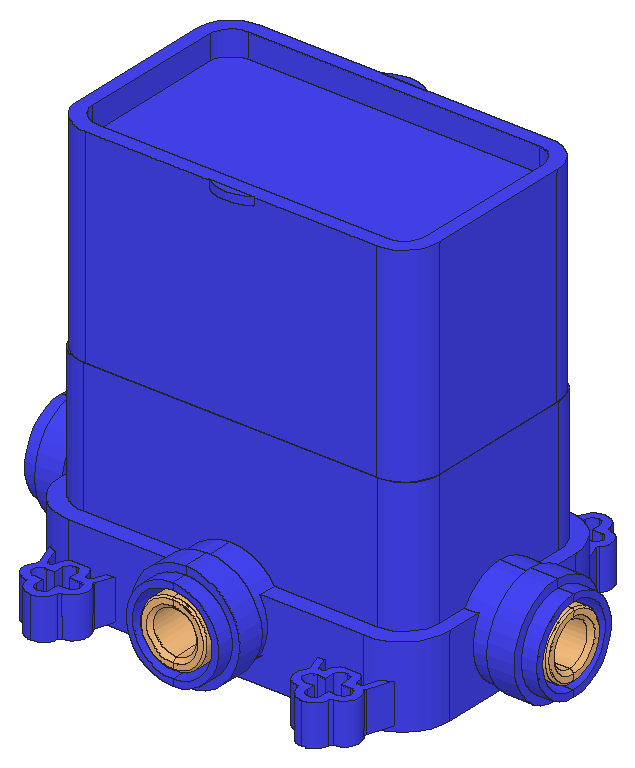
Revit family "Faucet-Valves_and_Controls-KOHLER-MODULO-K-98699T_1", category Plumbing Fixtures, host Face, Revit 2017
Family settings
  Host = Face
  Round Connector Dimension = Use Diameter
  Part Type = Normal
  OmniClass Number = 23.27.31.00
  OmniClass Title = Valves
  Cut with Voids When Loaded = No
  Shared = No
  Room Calculation Point = No
Parameters (values of type "NA-Brass")
  Width = 7 7/16"  # constant formula
  WaterSense Certified = 1 = 0  # no
  Tempered Water Outlet 2 = "Tempered Water Outlet 2"  # constant formula
  Tempered Water Outlet 1 = "Tempered Water Outlet 1"  # constant formula
  Waste Connection = 1 = 0  # no
  Vent Connection = 1 = 0  # no
  URL = "http://www.kohler.com.cn/en/"
  Product Page URL = "http://www.kohler.com.cn/product/K-98699T-NA/K-98699T-NA/"
  Product Name = "MODULO"  # constant formula
  Product Documentation Link = "http://files.kohler.com.cn/pdfs/1522746573654_K-98699T-sms.pdf"
  Pressure = 0.00 psi
  Model = "K-98699T-NA"  # constant formula
  Material = "Plastic"  # constant formula
  MasterFormat 2004 = "22.41.39"  # constant formula
  MasterFormat 1995 = "154300"  # constant formula
  Manufacturer Address = "158 Jiangchang 3rd Road Zhabei District Shanghai, 200436 China"  # constant formula
  Manufacturer = "KOHLER Co."  # constant formula
  Length = 5 1/2"  # constant formula
  Hot Water Inlet = "Hot Water Inlet"  # constant formula
  Height = 6.11811"  # constant formula
  HW Connection = 1 = 1  # yes
  Flow Rate = 0 GPM
  Finish = Kohler-Plastic-Blue
  Environmental Product Declaration = ""
  Drain Included = 1 = 0  # no
  Description = "Smart Universal Mounting Box"  # constant formula
  Default Elevation = 36"
  Declare Label = ""
  Date Modified = "06/2/2020"  # constant formula
  Date Created = "06/2/2020"  # constant formula
  Copyright = "Copyright KOHLER Co."  # constant formula
  Contact Us = "http://www.kohler.com.cn/en/contact/contact-us/"
  Cold Water Inlet = "Cold Water Inlet"  # constant formula
  CW Connection = 1 = 1  # yes
  Assembly Code = "D2020"
  ADA Compliant = 1 = 0  # no
Reference planes (in)
  plane 1 "Center (Front/Back)": y = 0
  plane 2: z = 0
  plane 3 "Center (Left/Right)": x = 0
  plane 4: y = 2.74409
  plane 5: y = -2.74409
  plane 6: z = -3.14821
  plane 7: x = 3.72047
  plane 8: x = -3.71703
  plane 9: z = -0.01258
  plane 10: y = 0.68159
  plane 11: x = -2.63459
  plane 12: y = 1.58461
  plane 13: y = -1.58461
  plane 14: x = 2.63459
  plane 15: z = 2.9699
  plane 16: y = -2.75591
  plane 17: z = -2.36302
  plane 18: z = 1.1811
Forms (in)
  Extrusion 1, void
    sketch origin (0, 0, 0) x (1, 0, 0) y (0, 0, 1)
      loop
        line (3.72047, -1.30679) -> (-3.72047, -1.30679) -> (-3.72047, -3.14821) -> (3.72047, -3.14821) -> (3.72047, -1.30679)
    from -2.74409 to 2.74409
  Extrusion 2, void
    sketch origin (0, 0, 0) x (1, 0, 0) y (0, 1, 0)
      loop
        line (2.13459, 1.58461) -> (-2.13459, 1.58461)
        arc (-2.13459, 1.58461) -> (-2.48814, 1.43817) -> (-2.63459, 1.08461) r 0.5
        line (-2.63459, 1.08461) -> (-2.63459, -1.08461)
        arc (-2.63459, -1.08461) -> (-2.48814, -1.43817) -> (-2.13459, -1.58461) r 0.5
        line (-2.13459, -1.58461) -> (2.13459, -1.58461)
        arc (2.13459, -1.58461) -> (2.48814, -1.43817) -> (2.63459, -1.08461) r 0.5
        line (2.63459, -1.08461) -> (2.63459, 1.08461)
        arc (2.63459, 1.08461) -> (2.48814, 1.43817) -> (2.13459, 1.58461) r 0.5
    from -1.60374 to 3.6622
Dimensions and locks (in)
  "Width": plane 8 to plane 7
  plane 15 to level = 2.9699"
  level to plane 6 = 3.14821"
  plane 8 to plane 7 = 7 7/16"
  plane 4 to plane 5 = 5.48819"
  "Length": plane 4 to plane 16
  "Height": plane 6 to plane 15
  locked: plane 13 to plane 12 at 3.16923
  plane 11 to plane 14 = 5.26918"
  aligned and locked: plane 2 to host face
  aligned and locked: level to host face
Automatic sketch dimensions
  host sketch curve to host sketch curve = 96"  (x2)
  Extrusion 1 sketch curve to plane 6 = 0"
  plane 8 to Extrusion 1 sketch curve = 0.00344"
  plane 7 to Extrusion 1 sketch curve = 0"
  Extrusion 1 sketch curve to plane 9 = 1.29421"
  Extrusion 2 sketch curve to plane 11 = 0"
  Extrusion 2 sketch curve to plane 13 = 0"
  plane 12 to Extrusion 2 sketch curve = 0"
  Extrusion 2 sketch curve to plane 14 = 0"
  plane 11 to Extrusion 2 sketch curve = 1/2"  (x2)
  Extrusion 2 sketch curve to Extrusion 2 sketch curve = 0"
  Extrusion 2 sketch curve to plane 10 = 0.40302"  (x2)
  plane 14 to Extrusion 2 sketch curve = 1/2"  (x2)
  plane 13 to Extrusion 2 sketch curve = 1/2"
Nested families (in)
  nested 1: "K-98699T" at (0, 0, 2.03789), type "K-98699T"
Connectors (in)
  piping at (-3.48426, 0, -2.36302), diameter 0.5, driven by "HW Connection", driven by "Hot Water Inlet", driven by "Flow Rate"
    settings: on nested 1, index 1, connector inside diameter 24", connector length 0", flow factor 0, pipe flow 0 GPM, pressure drop 0.00 psi, fitting loss kfactor 0, connector angle 0.00°, fixture units 0, engagement length 0", angle of deflection 0.00°, flow configuration 0, flow direction 1, fitting loss method 0, system type 19, joint type 0, gender type 0, connector reference index -1, connector utility 1, adjustable connector no, is connector primary yes, connector description "Hot Water Inlet"
  piping at (0, -2.63836, -2.36302), diameter 0.5, driven by "HW Connection", driven by "Tempered Water Outlet 2", driven by "Flow Rate"
    settings: on nested 1, index 2, connector inside diameter 24", connector length 0", flow factor 0, pipe flow 0 GPM, pressure drop 0.00 psi, fitting loss kfactor 0, connector angle 0.00°, fixture units 0, engagement length 0", angle of deflection 0.00°, flow configuration 0, flow direction 2, fitting loss method 0, system type 19, joint type 0, gender type 0, connector reference index -1, connector utility 1, adjustable connector no, is connector primary no, connector description "Tempered Water Outlet 2"
  piping at (3.72047, 0, -2.36302), diameter 0.5, driven by "CW Connection", driven by "Cold Water Inlet", driven by "Flow Rate"
    settings: on nested 1, index 3, connector inside diameter 24", connector length 0", flow factor 0, pipe flow 0 GPM, pressure drop 0.00 psi, fitting loss kfactor 0, connector angle 0.00°, fixture units 0, engagement length 0", angle of deflection 0.00°, flow configuration 0, flow direction 1, fitting loss method 0, system type 20, joint type 0, gender type 0, connector reference index -1, connector utility 1, adjustable connector no, is connector primary no, connector description "Cold Water Inlet"
  piping at (0, 2.63836, -2.36302), diameter 0.5, driven by "HW Connection", driven by "Tempered Water Outlet 1", driven by "Flow Rate"
    settings: on nested 1, index 4, connector inside diameter 24", connector length 0", flow factor 0, pipe flow 0 GPM, pressure drop 0.00 psi, fitting loss kfactor 0, connector angle 0.00°, fixture units 0, engagement length 0", angle of deflection 0.00°, flow configuration 0, flow direction 2, fitting loss method 0, system type 19, joint type 0, gender type 0, connector reference index -1, connector utility 1, adjustable connector no, is connector primary no, connector description "Tempered Water Outlet 1"
Definition of nested family "K-98699T"
  Parameters (values of type "K-98699T")
    Material = none
  Reference planes (in)
    plane 1 "Center (Front/Back)": y = 0
    plane 2: z = 0
    plane 3 "Center (Left/Right)": x = 0
    plane 4: z = -5.1875
    plane 5: z = 0.93201
    plane 6: y = 2.74409
    plane 7: y = -2.74409
    plane 8: x = -3.72047
    plane 9: x = 3.72047
    plane 10: x = -2.63459
    plane 11: y = 1.58461
    plane 12: z = 0
    plane 13: z = -3.61433
    plane 14: z = -4.40092
  Forms (in)
    Extrusion 1, solid, detail levels medium+fine
      sketch origin (0, 0, 0) x (1, 0, 0) y (0, 1, 0)
        loop
          line (1.8573, 2.39532) -> (1.73228, 2.39532)
          arc (1.73228, 2.39532) -> (1.62108, 2.28412) -> (1.73228, 2.17292) r 0.1112
          line (1.73228, 2.17292) -> (1.8573, 2.17292) -> (1.8573, 2.0479)
          arc (1.8573, 2.0479) -> (1.88987, 1.96927) -> (1.9685, 1.9367) r 0.1112
          arc (1.9685, 1.9367) -> (2.04714, 1.96927) -> (2.07971, 2.0479) r 0.1112
          line (2.07971, 2.0479) -> (2.07971, 2.17292) -> (2.20472, 2.17292)
          arc (2.20472, 2.17292) -> (2.31593, 2.28412) -> (2.20472, 2.39532) r 0.1112
          line (2.20472, 2.39532) -> (2.07971, 2.39532) -> (2.07971, 2.52034)
          arc (2.07971, 2.52034) -> (2.04714, 2.59897) -> (1.9685, 2.63154) r 0.1112
          arc (1.9685, 2.63154) -> (1.88987, 2.59897) -> (1.8573, 2.52034) r 0.1112
          line (1.8573, 2.52034) -> (1.8573, 2.39532)
        loop
          arc (1.64868, 2.03426) -> (1.66153, 2.05027) -> (1.68147, 2.05515) r 0.03193
          line (1.68147, 2.05515) -> (1.71919, 2.05185)
          arc (1.71919, 2.05185) -> (1.73357, 2.04502) -> (1.73999, 2.03044) r 0.02283
          arc (1.73999, 2.03044) -> (1.78681, 1.9056) -> (1.89598, 1.82903) r 0.22546
          arc (1.89598, 1.82903) -> (1.92162, 1.78737) -> (1.88444, 1.75558) r 0.03763
          line (1.88444, 1.75558) -> (2.05287, 1.75717)
          arc (2.05287, 1.75717) -> (2.01569, 1.78896) -> (2.04134, 1.83062) r 0.03763
          arc (2.04134, 1.83062) -> (2.15051, 1.90719) -> (2.19732, 2.03204) r 0.22546
          arc (2.19732, 2.03204) -> (2.20374, 2.04661) -> (2.21812, 2.05344) r 0.02283
          line (2.21812, 2.05344) -> (2.25705, 2.05684)
          arc (2.25705, 2.05684) -> (2.27532, 2.05237) -> (2.28709, 2.03771) r 0.02925
          line (2.28709, 2.03771) -> (2.3817, 1.77754)
          arc (2.3817, 1.77754) -> (2.37297, 1.73686) -> (2.33259, 1.72667) r 0.03937
          arc (2.33259, 1.72667) -> (2.44244, 1.6787) -> (2.54101, 1.61048) r 0.61995
          line (2.54101, 1.61048) -> (2.3664, 2.08981)
          arc (2.3664, 2.08981) -> (2.36489, 2.11088) -> (2.3744, 2.1298) r 0.03937
          arc (2.3744, 2.1298) -> (2.41941, 2.36467) -> (2.23093, 2.51188) r 0.22931
          arc (2.23093, 2.51188) -> (2.2076, 2.52315) -> (2.19633, 2.54649) r 0.03936
          arc (2.19633, 2.54649) -> (2.12112, 2.69145) -> (1.96851, 2.7496) r 0.22931
          arc (1.96851, 2.7496) -> (1.81591, 2.69145) -> (1.7407, 2.54649) r 0.22931
          arc (1.7407, 2.54649) -> (1.72943, 2.52315) -> (1.70609, 2.51188) r 0.03936
          arc (1.70609, 2.51188) -> (1.51761, 2.36467) -> (1.56253, 2.12971) r 0.22931
          arc (1.56253, 2.12971) -> (1.57214, 2.11088) -> (1.5705, 2.08985) r 0.03937
          line (1.5705, 2.08985) -> (1.45884, 1.78307)
          arc (1.45884, 1.78307) -> (1.44443, 1.76429) -> (1.42185, 1.75717) r 0.03936
          line (1.42185, 1.75717) -> (1.60405, 1.75717)
          arc (1.60405, 1.75717) -> (1.5718, 1.77395) -> (1.56706, 1.81) r 0.03936
          line (1.56706, 1.81) -> (1.64868, 2.03426)
        loop
          line (1.8573, -2.39532) -> (1.8573, -2.52034)
          arc (1.8573, -2.52034) -> (1.88987, -2.59897) -> (1.9685, -2.63154) r 0.1112
          arc (1.9685, -2.63154) -> (2.04714, -2.59897) -> (2.07971, -2.52034) r 0.1112
          line (2.07971, -2.52034) -> (2.07971, -2.39532) -> (2.20472, -2.39532)
          arc (2.20472, -2.39532) -> (2.31593, -2.28412) -> (2.20472, -2.17292) r 0.1112
          line (2.20472, -2.17292) -> (2.07971, -2.17292) -> (2.07971, -2.0479)
          arc (2.07971, -2.0479) -> (2.04714, -1.96927) -> (1.9685, -1.9367) r 0.1112
          arc (1.9685, -1.9367) -> (1.88987, -1.96927) -> (1.8573, -2.0479) r 0.1112
          line (1.8573, -2.0479) -> (1.8573, -2.17292) -> (1.73228, -2.17292)
          arc (1.73228, -2.17292) -> (1.62108, -2.28412) -> (1.73228, -2.39532) r 0.1112
          line (1.73228, -2.39532) -> (1.8573, -2.39532)
        loop
          line (1.64868, -2.03426) -> (1.56706, -1.81)
          arc (1.56706, -1.81) -> (1.5718, -1.77395) -> (1.60405, -1.75717) r 0.03936
          line (1.60405, -1.75717) -> (1.42185, -1.75717)
          arc (1.42185, -1.75717) -> (1.44443, -1.76429) -> (1.45884, -1.78307) r 0.03936
          line (1.45884, -1.78307) -> (1.5705, -2.08985)
          arc (1.5705, -2.08985) -> (1.57214, -2.11088) -> (1.56253, -2.12971) r 0.03937
          arc (1.56253, -2.12971) -> (1.51761, -2.36467) -> (1.70609, -2.51188) r 0.22931
          arc (1.70609, -2.51188) -> (1.72943, -2.52315) -> (1.7407, -2.54649) r 0.03936
          arc (1.7407, -2.54649) -> (1.81591, -2.69145) -> (1.96851, -2.7496) r 0.22931
          arc (1.96851, -2.7496) -> (2.12112, -2.69145) -> (2.19633, -2.54649) r 0.22931
          arc (2.19633, -2.54649) -> (2.2076, -2.52315) -> (2.23093, -2.51188) r 0.03936
          arc (2.23093, -2.51188) -> (2.41941, -2.36467) -> (2.3744, -2.1298) r 0.22931
          arc (2.3744, -2.1298) -> (2.36489, -2.11088) -> (2.3664, -2.08981) r 0.03937
          line (2.3664, -2.08981) -> (2.54101, -1.61048)
          arc (2.54101, -1.61048) -> (2.44244, -1.6787) -> (2.33259, -1.72667) r 0.61995
          arc (2.33259, -1.72667) -> (2.37297, -1.73686) -> (2.3817, -1.77754) r 0.03937
          line (2.3817, -1.77754) -> (2.28709, -2.03771)
          arc (2.28709, -2.03771) -> (2.27532, -2.05237) -> (2.25705, -2.05684) r 0.02925
          line (2.25705, -2.05684) -> (2.21812, -2.05344)
          arc (2.21812, -2.05344) -> (2.20374, -2.04661) -> (2.19732, -2.03204) r 0.02283
          arc (2.19732, -2.03204) -> (2.15051, -1.90719) -> (2.04134, -1.83062) r 0.22546
          arc (2.04134, -1.83062) -> (2.01569, -1.78896) -> (2.05287, -1.75717) r 0.03763
          line (2.05287, -1.75717) -> (1.88444, -1.75558)
          arc (1.88444, -1.75558) -> (1.92162, -1.78737) -> (1.89598, -1.82903) r 0.03763
          arc (1.89598, -1.82903) -> (1.78681, -1.9056) -> (1.73999, -2.03044) r 0.22546
          arc (1.73999, -2.03044) -> (1.73357, -2.04502) -> (1.71919, -2.05185) r 0.02283
          line (1.71919, -2.05185) -> (1.68147, -2.05515)
          arc (1.68147, -2.05515) -> (1.66153, -2.05027) -> (1.64868, -2.03426) r 0.03193
        loop
          line (-1.8573, 2.39532) -> (-1.8573, 2.52034)
          arc (-1.8573, 2.52034) -> (-1.88987, 2.59897) -> (-1.9685, 2.63154) r 0.1112
          arc (-1.9685, 2.63154) -> (-2.04714, 2.59897) -> (-2.07971, 2.52034) r 0.1112
          line (-2.07971, 2.52034) -> (-2.07971, 2.39532) -> (-2.20472, 2.39532)
          arc (-2.20472, 2.39532) -> (-2.31593, 2.28412) -> (-2.20472, 2.17292) r 0.1112
          line (-2.20472, 2.17292) -> (-2.07971, 2.17292) -> (-2.07971, 2.0479)
          arc (-2.07971, 2.0479) -> (-2.04714, 1.96927) -> (-1.9685, 1.9367) r 0.1112
          arc (-1.9685, 1.9367) -> (-1.88987, 1.96927) -> (-1.8573, 2.0479) r 0.1112
          line (-1.8573, 2.0479) -> (-1.8573, 2.17292) -> (-1.73228, 2.17292)
          arc (-1.73228, 2.17292) -> (-1.62108, 2.28412) -> (-1.73228, 2.39532) r 0.1112
          line (-1.73228, 2.39532) -> (-1.8573, 2.39532)
        loop
          line (-1.64868, 2.03426) -> (-1.56706, 1.81)
          arc (-1.56706, 1.81) -> (-1.5718, 1.77395) -> (-1.60405, 1.75717) r 0.03936
          line (-1.60405, 1.75717) -> (-1.42185, 1.75717)
          arc (-1.42185, 1.75717) -> (-1.44443, 1.76429) -> (-1.45884, 1.78307) r 0.03936
          line (-1.45884, 1.78307) -> (-1.5705, 2.08985)
          arc (-1.5705, 2.08985) -> (-1.57214, 2.11088) -> (-1.56253, 2.12971) r 0.03937
          arc (-1.56253, 2.12971) -> (-1.51761, 2.36467) -> (-1.70609, 2.51188) r 0.22931
          arc (-1.70609, 2.51188) -> (-1.72943, 2.52315) -> (-1.7407, 2.54649) r 0.03936
          arc (-1.7407, 2.54649) -> (-1.81591, 2.69145) -> (-1.96851, 2.7496) r 0.22931
          arc (-1.96851, 2.7496) -> (-2.12112, 2.69145) -> (-2.19633, 2.54649) r 0.22931
          arc (-2.19633, 2.54649) -> (-2.2076, 2.52315) -> (-2.23093, 2.51188) r 0.03936
          arc (-2.23093, 2.51188) -> (-2.41941, 2.36467) -> (-2.3744, 2.1298) r 0.22931
          arc (-2.3744, 2.1298) -> (-2.36489, 2.11088) -> (-2.3664, 2.08981) r 0.03937
          line (-2.3664, 2.08981) -> (-2.54101, 1.61048)
          arc (-2.54101, 1.61048) -> (-2.44244, 1.6787) -> (-2.33259, 1.72667) r 0.61995
          arc (-2.33259, 1.72667) -> (-2.37297, 1.73686) -> (-2.3817, 1.77754) r 0.03937
          line (-2.3817, 1.77754) -> (-2.28709, 2.03771)
          arc (-2.28709, 2.03771) -> (-2.27532, 2.05237) -> (-2.25705, 2.05684) r 0.02925
          line (-2.25705, 2.05684) -> (-2.21812, 2.05344)
          arc (-2.21812, 2.05344) -> (-2.20374, 2.04661) -> (-2.19732, 2.03204) r 0.02283
          arc (-2.19732, 2.03204) -> (-2.15051, 1.90719) -> (-2.04134, 1.83062) r 0.22546
          arc (-2.04134, 1.83062) -> (-2.01569, 1.78896) -> (-2.05287, 1.75717) r 0.03763
          line (-2.05287, 1.75717) -> (-1.88444, 1.75558)
          arc (-1.88444, 1.75558) -> (-1.92162, 1.78737) -> (-1.89598, 1.82903) r 0.03763
          arc (-1.89598, 1.82903) -> (-1.78681, 1.9056) -> (-1.73999, 2.03044) r 0.22546
          arc (-1.73999, 2.03044) -> (-1.73357, 2.04502) -> (-1.71919, 2.05185) r 0.02283
          line (-1.71919, 2.05185) -> (-1.68147, 2.05515)
          arc (-1.68147, 2.05515) -> (-1.66153, 2.05027) -> (-1.64868, 2.03426) r 0.03193
        loop
          line (-1.8573, -2.39532) -> (-1.73228, -2.39532)
          arc (-1.73228, -2.39532) -> (-1.62108, -2.28412) -> (-1.73228, -2.17292) r 0.1112
          line (-1.73228, -2.17292) -> (-1.8573, -2.17292) -> (-1.8573, -2.0479)
          arc (-1.8573, -2.0479) -> (-1.88987, -1.96927) -> (-1.9685, -1.9367) r 0.1112
          arc (-1.9685, -1.9367) -> (-2.04714, -1.96927) -> (-2.07971, -2.0479) r 0.1112
          line (-2.07971, -2.0479) -> (-2.07971, -2.17292) -> (-2.20472, -2.17292)
          arc (-2.20472, -2.17292) -> (-2.31593, -2.28412) -> (-2.20472, -2.39532) r 0.1112
          line (-2.20472, -2.39532) -> (-2.07971, -2.39532) -> (-2.07971, -2.52034)
          arc (-2.07971, -2.52034) -> (-2.04714, -2.59897) -> (-1.9685, -2.63154) r 0.1112
          arc (-1.9685, -2.63154) -> (-1.88987, -2.59897) -> (-1.8573, -2.52034) r 0.1112
          line (-1.8573, -2.52034) -> (-1.8573, -2.39532)
        loop
          arc (-1.64868, -2.03426) -> (-1.66153, -2.05027) -> (-1.68147, -2.05515) r 0.03193
          line (-1.68147, -2.05515) -> (-1.71919, -2.05185)
          arc (-1.71919, -2.05185) -> (-1.73357, -2.04502) -> (-1.73999, -2.03044) r 0.02283
          arc (-1.73999, -2.03044) -> (-1.78681, -1.9056) -> (-1.89598, -1.82903) r 0.22546
          arc (-1.89598, -1.82903) -> (-1.92162, -1.78737) -> (-1.88444, -1.75558) r 0.03763
          line (-1.88444, -1.75558) -> (-2.05287, -1.75717)
          arc (-2.05287, -1.75717) -> (-2.01569, -1.78896) -> (-2.04134, -1.83062) r 0.03763
          arc (-2.04134, -1.83062) -> (-2.15051, -1.90719) -> (-2.19732, -2.03204) r 0.22546
          arc (-2.19732, -2.03204) -> (-2.20374, -2.04661) -> (-2.21812, -2.05344) r 0.02283
          line (-2.21812, -2.05344) -> (-2.25705, -2.05684)
          arc (-2.25705, -2.05684) -> (-2.27532, -2.05237) -> (-2.28709, -2.03771) r 0.02925
          line (-2.28709, -2.03771) -> (-2.3817, -1.77754)
          arc (-2.3817, -1.77754) -> (-2.37296, -1.73686) -> (-2.33259, -1.72667) r 0.03937
          arc (-2.33259, -1.72667) -> (-2.44244, -1.6787) -> (-2.54101, -1.61048) r 0.61995
          line (-2.54101, -1.61048) -> (-2.3664, -2.08981)
          arc (-2.3664, -2.08981) -> (-2.36489, -2.11088) -> (-2.37439, -2.1298) r 0.03937
          arc (-2.37439, -2.1298) -> (-2.41941, -2.36467) -> (-2.23093, -2.51188) r 0.22931
          arc (-2.23093, -2.51188) -> (-2.2076, -2.52315) -> (-2.19633, -2.54649) r 0.03936
          arc (-2.19633, -2.54649) -> (-2.12112, -2.69145) -> (-1.96851, -2.7496) r 0.22931
          arc (-1.96851, -2.7496) -> (-1.81591, -2.69145) -> (-1.7407, -2.54649) r 0.22931
          arc (-1.7407, -2.54649) -> (-1.72943, -2.52315) -> (-1.70609, -2.51188) r 0.03936
          arc (-1.70609, -2.51188) -> (-1.51761, -2.36467) -> (-1.56253, -2.1297) r 0.22931
          arc (-1.56253, -2.1297) -> (-1.57214, -2.11088) -> (-1.5705, -2.08985) r 0.03937
          line (-1.5705, -2.08985) -> (-1.45884, -1.78307)
          arc (-1.45884, -1.78307) -> (-1.44443, -1.76429) -> (-1.42185, -1.75717) r 0.03936
          line (-1.42185, -1.75717) -> (-1.60405, -1.75717)
          arc (-1.60405, -1.75717) -> (-1.5718, -1.77395) -> (-1.56706, -1.81) r 0.03936
          line (-1.56706, -1.81) -> (-1.64868, -2.03426)
      from -5.11503 to -4.52639
    Extrusion 2, solid, detail levels medium+fine
      sketch origin (0, 0, 0) x (1, 0, 0) y (0, 1, 0)
        loop
          arc (-2.13564, 1.84148) -> (-2.63114, 1.63624) -> (-2.83638, 1.14075) r 0.70073
          line (-2.83638, 1.14075) -> (-2.83638, -1.14075)
          arc (-2.83638, -1.14075) -> (-2.63114, -1.63624) -> (-2.13564, -1.84148) r 0.70073
          line (-2.13564, -1.84148) -> (2.13564, -1.84148)
          arc (2.13564, -1.84148) -> (2.63114, -1.63624) -> (2.83638, -1.14075) r 0.70073
          line (2.83638, -1.14075) -> (2.83638, 1.14075)
          arc (2.83638, 1.14075) -> (2.63114, 1.63624) -> (2.13564, 1.84148) r 0.70073
          line (2.13564, 1.84148) -> (-2.13564, 1.84148)
      from -5.1875 to -4.01267
    Extrusion 3, solid, detail levels medium+fine
      sketch origin (0, 0, 0) x (1, 0, 0) y (0, 1, 0)
        loop
          arc (-2.13459, 1.58461) -> (-2.48814, 1.43817) -> (-2.63459, 1.08461) r 0.5
          line (-2.63459, 1.08461) -> (-2.63459, -1.08461)
          arc (-2.63459, -1.08461) -> (-2.48814, -1.43817) -> (-2.13459, -1.58461) r 0.5
          line (-2.13459, -1.58461) -> (2.13459, -1.58461)
          arc (2.13459, -1.58461) -> (2.48814, -1.43817) -> (2.63459, -1.08461) r 0.5
          line (2.63459, -1.08461) -> (2.63459, 1.08461)
          arc (2.63459, 1.08461) -> (2.48814, 1.43817) -> (2.13459, 1.58461) r 0.5
          line (2.13459, 1.58461) -> (-2.13459, 1.58461)
      from -4.01267 to -2.07949
    Extrusion 4, solid, material <- "Material", detail levels medium+fine
      sketch origin (0, 0, 0) x (1, 0, 0) y (0, 1, 0)
        loop
          line (2.11427, 1.57615) -> (-2.11427, 1.57615)
          arc (-2.11427, 1.57615) -> (-2.47391, 1.42718) -> (-2.62287, 1.06755) r 0.5086
          line (-2.62287, 1.06755) -> (-2.62287, -1.06755)
          arc (-2.62287, -1.06755) -> (-2.47391, -1.42718) -> (-2.11427, -1.57615) r 0.5086
          line (-2.11427, -1.57615) -> (2.11427, -1.57615)
          arc (2.11427, -1.57615) -> (2.47391, -1.42718) -> (2.62287, -1.06755) r 0.5086
          line (2.62287, -1.06755) -> (2.62287, 1.06755)
          arc (2.62287, 1.06755) -> (2.47391, 1.42718) -> (2.11427, 1.57615) r 0.5086
      from -2.07949 to 0.93201
    Extrusion 5, solid, material <- "Material", detail levels medium+fine
      sketch origin (0, 0, -0.03464) x (1, 0, 0) y (0, 1, 0)
        loop
          arc (0.32729, 1.57615) -> (-0.00014, 1.67759) -> (-0.32757, 1.57615) r 0.57914
          line (-0.32757, 1.57615) -> (0.32729, 1.57615)
        loop
          line (0.32729, -1.57615) -> (-0.32757, -1.57615)
          arc (-0.32757, -1.57615) -> (-0.00014, -1.67759) -> (0.32729, -1.57615) r 0.57914
      from 0.85917 to 0.97193
    Extrusion 6, void
      sketch origin (0, 0, 0) x (1, 0, 0) y (0, 1, 0)
        loop
          line (2.11135, 1.37539) -> (-2.11162, 1.37539)
          arc (-2.11162, 1.37539) -> (-2.32858, 1.28725) -> (-2.4226, 1.07277) r 0.3111
          arc (-2.4226, 1.07277) -> (-2.43722, 0.0013) -> (-2.4226, -1.07018) r 39.28748
          arc (-2.4226, -1.07018) -> (-2.32858, -1.28466) -> (-2.11162, -1.3728) r 0.3111
          line (-2.11162, -1.3728) -> (2.11135, -1.3728)
          arc (2.11135, -1.3728) -> (2.32831, -1.28466) -> (2.42234, -1.07018) r 0.3111
          arc (2.42234, -1.07018) -> (2.43695, 0.0013) -> (2.42234, 1.07277) r 39.28748
          arc (2.42234, 1.07277) -> (2.32831, 1.28725) -> (2.11135, 1.37539) r 0.3111
      from 0.57688 to 2.13882
    Revolve 7, solid, detail levels medium+fine
      sketch origin (0, 0, 0.03463) x (0, -1, 0) y (0, 0, 1)
        loop
          line (2.63836, -3.76549) -> (2.40215, -3.76267) -> (2.40215, -3.64896) -> (2.00733, -3.64896) -> (2.00733, -3.7061) -> (1.30651, -3.68462) -> (1.30651, -4.43555) -> (2.00733, -4.43555) -> (2.00733, -4.12201) -> (2.58107, -4.12201) -> (2.63836, -4.06472) -> (2.63836, -3.98418) -> (2.61059, -3.95641) -> (2.00733, -3.95641) -> (2.00733, -3.85794) -> (2.63836, -3.85794) -> (2.63836, -3.76549)
        axis (2.63836, -4.43555) -> (1.30651, -4.43555)
      angle from 0 to 360
    Revolve 8, solid, detail levels medium+fine
      sketch origin (0, 0, 0.03463) x (0, 1, 0) y (0, 0, 1)
        loop
          line (2.63836, -3.76549) -> (2.40215, -3.76267) -> (2.40215, -3.64896) -> (2.00733, -3.64896) -> (2.00733, -3.7061) -> (1.30651, -3.68462) -> (1.30651, -4.43555) -> (2.00733, -4.43555) -> (2.00733, -4.12201) -> (2.58107, -4.12201) -> (2.63836, -4.06472) -> (2.63836, -3.98418) -> (2.61059, -3.95641) -> (2.00733, -3.95641) -> (2.00733, -3.85794) -> (2.63836, -3.85794) -> (2.63836, -3.76549)
        axis (2.63836, -4.43555) -> (1.30651, -4.43555)
      angle from 0 to 360
    Revolve 9, solid, detail levels medium+fine
      sketch origin (1.08212, 0, 0.03463) x (1, 0, 0) y (0, 0, 1)
        loop
          line (2.63836, -3.76549) -> (2.40215, -3.76267) -> (2.40215, -3.64896) -> (2.00733, -3.64896) -> (2.00733, -3.7061) -> (1.30651, -3.68462) -> (1.30651, -4.43555) -> (2.00733, -4.43555) -> (2.00733, -4.12201) -> (2.58107, -4.12201) -> (2.63836, -4.06472) -> (2.63836, -3.98418) -> (2.61059, -3.95641) -> (2.00733, -3.95641) -> (2.00733, -3.85794) -> (2.63836, -3.85794) -> (2.63836, -3.76549)
        axis (2.63836, -4.43555) -> (1.30651, -4.43555)
      angle from 0 to 360
    Revolve 10, solid, detail levels medium+fine
      sketch origin (-1.08212, 0, 0.03463) x (-1, 0, 0) y (0, 0, -1)
        loop
          line (2.63836, 3.76549) -> (2.63836, 3.85794) -> (2.00733, 3.85794) -> (2.00733, 3.95641) -> (2.61059, 3.95641) -> (2.63836, 3.98418) -> (2.63836, 4.06472) -> (2.58107, 4.12201) -> (2.00733, 4.12201) -> (2.00733, 4.43555) -> (1.30651, 4.43555) -> (1.30651, 3.68462) -> (2.00733, 3.7061) -> (2.00733, 3.64896) -> (2.40215, 3.64896) -> (2.40215, 3.76267) -> (2.63836, 3.76549)
        axis (2.63836, 4.43555) -> (1.30651, 4.43555)
      angle from 0 to 360
    Extrusion 11, solid, material <- "Material", detail levels coarse
      sketch origin (0, 0, 0) x (1, 0, 0) y (0, 1, 0)
        loop
          line (2.13459, 1.58461) -> (-2.13459, 1.58461)
          arc (-2.13459, 1.58461) -> (-2.48814, 1.43817) -> (-2.63459, 1.08461) r 0.5
          line (-2.63459, 1.08461) -> (-2.63459, -1.08461)
          arc (-2.63459, -1.08461) -> (-2.48814, -1.43817) -> (-2.13459, -1.58461) r 0.5
          line (-2.13459, -1.58461) -> (2.13459, -1.58461)
          arc (2.13459, -1.58461) -> (2.48814, -1.43817) -> (2.63459, -1.08461) r 0.5
          line (2.63459, -1.08461) -> (2.63459, 1.08461)
          arc (2.63459, 1.08461) -> (2.48814, 1.43817) -> (2.13459, 1.58461) r 0.5
      from -5.11504 to 0.93729
    Extrusion 12, solid, material <- "Material", detail levels coarse
      sketch origin (0, 0, 0) x (1, 0, 0) y (0, 0, 1)
        loop
          circle (0, -4.40092) r 0.78658
      from 1.073 to 2.74409
    Extrusion 13, solid, material <- "Material", detail levels coarse
      sketch origin (0, 0, 0) x (1, 0, 0) y (0, 0, -1)
        loop
          circle (0, 4.40092) r 0.78658
      from 1.073 to 2.74409
    Extrusion 14, solid, material <- "Material", detail levels coarse
      sketch origin (0.97638, 0, 0) x (0, -1, 0) y (0, 0, -1)
        loop
          circle (0, 4.40092) r 0.78658
      from 1.073 to 2.74409
    Extrusion 15, solid, material <- "Material", detail levels coarse
      sketch origin (-0.97638, 0, 0) x (0, -1, 0) y (0, 0, 1)
        loop
          circle (0, -4.40092) r 0.78658
      from 1.073 to 2.74409
  Cuts and joins
    Extrusion 6 cuts Extrusion 4
  Lines and regions (in)
    Masking region 1
      outline origin (0, 0, 0) x (1, 0, 0) y (0, 1, 0)
        loop
          arc (2.63459, 1.08461) -> (2.48814, 1.43817) -> (2.13459, 1.58461) r 0.5
          line (2.13459, 1.58461) -> (0.31458, 1.58461)
          arc (0.31458, 1.58461) -> (-0.00014, 1.67759) -> (-0.31487, 1.58461) r 0.57914
          line (-0.31487, 1.58461) -> (-2.13459, 1.58461)
          arc (-2.13459, 1.58461) -> (-2.48814, 1.43817) -> (-2.63459, 1.08461) r 0.5
          line (-2.63459, 1.08461) -> (-2.63459, -1.08461)
          arc (-2.63459, -1.08461) -> (-2.48814, -1.43817) -> (-2.13459, -1.58461) r 0.5
          line (-2.13459, -1.58461) -> (-0.31487, -1.58461)
          arc (-0.31487, -1.58461) -> (-0.00014, -1.67759) -> (0.31458, -1.58461) r 0.57914
          line (0.31458, -1.58461) -> (2.13459, -1.58461)
          arc (2.13459, -1.58461) -> (2.48814, -1.43817) -> (2.63459, -1.08461) r 0.5
          line (2.63459, -1.08461) -> (2.63459, 1.08461)
    Masking region 2
      outline origin (0, 0, 0) x (1, 0, 0) y (0, 0, 1)
        loop
          line (2.62287, 0.93201) -> (-2.62287, 0.93201) -> (-2.62287, -2.04678) -> (-2.63459, -2.07949) -> (-2.63459, -3.66222) -> (-3.08945, -3.67147) -> (-3.08945, -3.61433) -> (-3.48426, -3.61433) -> (-3.48426, -3.73086) -> (-3.72047, -3.73086) -> (-3.72047, -5.07097) -> (-3.48426, -5.07097) -> (-3.48426, -5.1875) -> (-3.08945, -5.1875) -> (-3.08945, -5.13037) -> (-2.83638, -5.13981) -> (-2.83638, -5.1875) -> (2.83638, -5.1875) -> (2.83638, -5.13981) -> (3.08945, -5.13037) -> (3.08945, -5.1875) -> (3.48426, -5.1875) -> (3.48426, -5.07097) -> (3.72047, -5.07097) -> (3.72047, -3.73086) -> (3.48426, -3.73086) -> (3.48426, -3.61433) -> (3.08945, -3.61433) -> (3.08945, -3.67147) -> (2.63459, -3.66222) -> (2.63459, -2.07949) -> (2.62287, -2.04678) -> (2.62287, 0.93201)
    Masking region 3
      outline origin (0, 0, 0) x (0, 1, 0) y (0, 0, 1)
        loop
          line (1.67759, 0.93201) -> (-1.67759, 0.93201) -> (-1.67759, 0.82453) -> (-1.57615, 0.82453) -> (-1.57615, -2.03511) -> (-1.58461, -2.07949) -> (-1.58461, -3.65851) -> (-2.00733, -3.67147) -> (-2.00733, -3.61433) -> (-2.40215, -3.61433) -> (-2.40215, -3.72804) -> (-2.63836, -3.72804) -> (-2.63154, -4.5264) -> (-2.7496, -4.5264) -> (-2.7496, -5.11504) -> (-2.40215, -5.11504) -> (-2.40215, -5.1875) -> (-2.00733, -5.1875) -> (-2.00733, -5.13037) -> (-1.84148, -5.13591) -> (-1.84148, -5.1875) -> (0.18638, -5.1875) -> (1.84148, -5.1875) -> (1.84148, -5.13591) -> (2.00733, -5.13037) -> (2.00733, -5.1875) -> (2.40215, -5.1875) -> (2.40215, -5.11504) -> (2.7496, -5.11504) -> (2.7496, -4.5264) -> (2.63154, -4.5264) -> (2.63836, -3.72804) -> (2.40215, -3.72804) -> (2.40215, -3.61433) -> (2.00733, -3.61433) -> (2.00733, -3.67147) -> (1.58461, -3.65851) -> (1.58461, -2.07949) -> (1.57615, -2.03511) -> (1.57615, 0.82453) -> (1.67759, 0.82453) -> (1.67759, 0.93201)
    symbolic lines, detail levels medium+fine
      curve 1: arc (2.11135, 1.37539, 0) -> (2.32831, 1.28725, 0) -> (2.42234, 1.07277, 0) r 0.3111
      curve 2: arc (2.42234, 1.07277, 0) -> (2.43695, 0.0013, 0) -> (2.42234, -1.07018, 0) r 39.28748
      curve 3: arc (2.42234, -1.07018, 0) -> (2.32831, -1.28466, 0) -> (2.11135, -1.3728, 0) r 0.3111
      curve 4: line (2.11135, -1.3728, 0) -> (-2.11162, -1.3728, 0)
      curve 5: arc (-2.11162, -1.3728, 0) -> (-2.32858, -1.28466, 0) -> (-2.4226, -1.07018, 0) r 0.3111
      curve 6: arc (-2.4226, -1.07018, 0) -> (-2.43722, 0.0013, 0) -> (-2.4226, 1.07277, 0) r 39.28748
      curve 7: arc (-2.4226, 1.07277, 0) -> (-2.32858, 1.28725, 0) -> (-2.11162, 1.37539, 0) r 0.3111
      curve 8: line (-2.11162, 1.37539, 0) -> (2.11135, 1.37539, 0)
      curve 9: arc (2.62287, 1.06755, 0) -> (2.47391, 1.42718, 0) -> (2.11427, 1.57615, 0) r 0.5086
      curve 10: line (2.11427, 1.57615, 0) -> (-2.11427, 1.57615, 0)
      curve 11: arc (-2.11427, 1.57615, 0) -> (-2.47391, 1.42718, 0) -> (-2.62287, 1.06755, 0) r 0.5086
      curve 12: line (-2.62287, 1.06755, 0) -> (-2.62287, -1.06755, 0)
      curve 13: arc (-2.62287, -1.06755, 0) -> (-2.47391, -1.42718, 0) -> (-2.11427, -1.57615, 0) r 0.5086
      curve 14: line (-2.11427, -1.57615, 0) -> (2.11427, -1.57615, 0)
      curve 15: arc (2.11427, -1.57615, 0) -> (2.47391, -1.42718, 0) -> (2.62287, -1.06755, 0) r 0.5086
      curve 16: line (2.62287, -1.06755, 0) -> (2.62287, 1.06755, 0)
      curve 17: line (2.63459, 0, -2.07949) -> (-2.63459, 0, -2.07949)
      curve 18: line (-2.62287, 0, -2.04678) -> (-2.62287, 0, -2.07949)
      curve 19: line (2.62287, 0, -2.04678) -> (2.62287, 0, -2.07949)
      curve 20: line (-3.48426, 0, -3.72804) -> (-3.48426, 0, -5.07097)
      curve 21: line (-3.08945, 0, -3.67147) -> (-3.08945, 0, -5.13037)
      curve 22: line (-2.63459, 0, -3.66222) -> (-2.63459, 0, -4.01267)
      curve 23: circle (0, 0, -4.40092) r 0.78658 normal (0, -1, 0)
      curve 24: circle (0, 0, -4.40092) r 0.67288 normal (0, 1, 0)
      curve 25: circle (0, 0, -4.40092) r 0.5776 normal (0, -1, 0)
      curve 26: circle (0, 0, -4.40092) r 0.47914 normal (0, -1, 0)
      curve 27: circle (0, 0, -4.40092) r 0.45137 normal (0, -1, 0)
      curve 28: circle (0, 0, -4.40092) r 0.37083 normal (0, -1, 0)
      curve 29: circle (0, 0, -4.40092) r 0.31354 normal (0, -1, 0)
      curve 30: line (2.83638, 0, -4.01267) -> (0.68409, 0, -4.01267)
      curve 31: line (2.83638, 0, -4.01267) -> (2.83638, 0, -5.13981)
      curve 32: line (-2.83638, 0, -4.01267) -> (-0.68409, 0, -4.01267)
      curve 33: line (-2.83638, 0, -4.01267) -> (-2.83638, 0, -5.13981)
      curve 34: line (3.48426, 0, -3.72804) -> (3.48426, 0, -5.07097)
      curve 35: line (3.08945, 0, -3.67147) -> (3.08945, 0, -5.13037)
      curve 36: line (2.63459, 0, -3.66222) -> (2.63459, 0, -4.01267)
      curve 37: line (-0.32757, 0, 0.82453) -> (0.32729, 0, 0.82453)
      curve 38: line (0.32729, 0, 0.82453) -> (0.32729, 0, 0.93201)
      curve 39: line (-0.32757, 0, 0.82453) -> (-0.32757, 0, 0.93201)
      curve 40: line (-2.54077, 0, -4.5264) -> (-1.42185, 0, -4.5264)
      curve 41: line (-2.54077, 0, -5.11504) -> (-2.54077, 0, -4.5264)
      curve 42: line (-1.42185, 0, -5.11504) -> (-2.54077, 0, -5.11504)
      curve 43: line (-1.42185, 0, -4.5264) -> (-1.42185, 0, -5.11504)
      curve 44: line (-2.19638, 0, -5.11504) -> (-2.19638, 0, -4.5264)
      curve 45: line (-2.23086, 0, -5.11504) -> (-2.23087, 0, -4.5264)
      curve 46: line (-1.7409, 0, -5.11504) -> (-1.74088, 0, -4.5264)
      curve 47: line (-1.50298, 0, -5.11504) -> (-1.50298, 0, -4.5264)
      curve 48: line (-1.70617, 0, -5.11504) -> (-1.70617, 0, -4.5264)
      curve 49: line (-2.43405, 0, -5.11504) -> (-2.43405, 0, -4.5264)
      curve 50: line (2.54077, 0, -4.5264) -> (1.42185, 0, -4.5264)
      curve 51: line (2.54077, 0, -5.11504) -> (2.54077, 0, -4.5264)
      curve 52: line (1.42185, 0, -5.11504) -> (2.54077, 0, -5.11504)
      curve 53: line (1.42185, 0, -4.5264) -> (1.42185, 0, -5.11504)
      curve 54: line (2.19638, 0, -5.11504) -> (2.19638, 0, -4.5264)
      curve 55: line (2.23086, 0, -5.11504) -> (2.23087, 0, -4.5264)
      curve 56: line (1.7409, 0, -5.11504) -> (1.74088, 0, -4.5264)
      curve 57: line (1.50298, 0, -5.11504) -> (1.50298, 0, -4.5264)
      curve 58: line (1.70617, 0, -5.11504) -> (1.70617, 0, -4.5264)
      curve 59: line (2.43405, 0, -5.11504) -> (2.43405, 0, -4.5264)
      curve 68: line (0, 1.58461, -2.07949) -> (0, -1.58461, -2.07949)
      curve 69: line (0, -1.57615, -2.03511) -> (0, -1.57615, -2.07949)
      curve 70: line (0, 1.57615, -2.03511) -> (0, 1.57615, -2.07949)
      curve 71: line (0, 2.63836, -4.5264) -> (0, 1.63836, -4.5264)
      curve 72: line (0, 2.54649, -4.5264) -> (0, 2.54649, -5.109)
      curve 73: line (0, 2.40215, -5.11504) -> (0, 1.60749, -5.1165)
      curve 74: line (0, 2.51132, -4.5264) -> (0, 2.51125, -5.11504)
      curve 75: line (0, 2.13836, -4.5264) -> (0, 2.13836, -5.11553)
      curve 76: line (0, 2.08984, -4.5264) -> (0, 2.08984, -5.11561)
      curve 77: arc (0, 0, -3.61433) -> (0, 0.78658, -4.40092) -> (0, 0, -5.1875) r 0.78658
      curve 78: arc (0, 0, -3.73086) -> (0, 0.67006, -4.40092) -> (0, 0, -5.07097) r 0.67006
      curve 79: arc (0, 0, -3.82331) -> (0, 0.5776, -4.40092) -> (0, 0, -4.97852) r 0.5776
      curve 80: arc (0, 0, -3.92178) -> (0, 0.47914, -4.40092) -> (0, 0, -4.88005) r 0.47914
      curve 81: arc (0, 0, -3.94955) -> (0, 0.45137, -4.40092) -> (0, 0, -4.85228) r 0.45137
      curve 82: arc (0, 0, -4.03009) -> (0, 0.37083, -4.40092) -> (0, 0, -4.77174) r 0.37083
      curve 83: arc (0, 0, -4.08738) -> (0, 0.31354, -4.40092) -> (0, 0, -4.71446) r 0.31354
      curve 84: line (0, 2.40215, -3.72804) -> (0, 2.40215, -4.5264)
      curve 85: line (0, 2.00733, -3.67147) -> (0, 2.00733, -4.5264)
      curve 86: line (0, 1.58461, -3.65851) -> (0, 1.58461, -4.01267)
      curve 87: line (0, 0.68409, -4.01267) -> (0, 1.84148, -4.01267)
      curve 88: line (0, 1.84148, -4.01267) -> (0, 1.84148, -4.5264)
      curve 89: line (0, -1.57615, -2.03511) -> (0, -1.57615, -2.07949)
      curve 90: line (0, -2.63836, -4.5264) -> (0, -1.63836, -4.5264)
      curve 91: line (0, -2.54649, -4.5264) -> (0, -2.54649, -5.109)
      curve 92: line (0, -2.40215, -5.11504) -> (0, -1.63836, -5.11645)
      curve 93: line (0, -2.51132, -4.5264) -> (0, -2.51125, -5.11504)
      curve 94: line (0, -2.13836, -4.5264) -> (0, -2.13836, -5.11553)
      curve 95: line (0, -2.08984, -4.5264) -> (0, -2.08984, -5.11561)
      curve 96: arc (0, 0, -3.61433) -> (0, -0.78658, -4.40092) -> (0, 0, -5.1875) r 0.78658
      curve 97: arc (0, 0, -3.73086) -> (0, -0.67006, -4.40092) -> (0, 0, -5.07097) r 0.67006
      curve 98: arc (0, 0, -3.82331) -> (0, -0.5776, -4.40092) -> (0, 0, -4.97852) r 0.5776
      curve 99: arc (0, 0, -3.92178) -> (0, -0.47914, -4.40092) -> (0, 0, -4.88005) r 0.47914
      curve 100: arc (0, 0, -3.94955) -> (0, -0.45137, -4.40092) -> (0, 0, -4.85228) r 0.45137
      curve 101: arc (0, 0, -4.03009) -> (0, -0.37083, -4.40092) -> (0, 0, -4.77174) r 0.37083
      curve 102: arc (0, 0, -4.08738) -> (0, -0.31354, -4.40092) -> (0, 0, -4.71446) r 0.31354
      curve 103: line (0, -2.40215, -3.72804) -> (0, -2.40215, -4.5264)
      curve 104: line (0, -2.00733, -3.67147) -> (0, -2.00733, -4.5264)
      curve 105: line (0, -1.58461, -3.65851) -> (0, -1.58461, -4.01267)
      curve 106: line (0, -0.68409, -4.01267) -> (0, -1.84148, -4.01267)
      curve 107: line (0, -1.84148, -4.01267) -> (0, -1.84148, -4.5264)
      curve 108: line (0, -1.63836, -4.5264) -> (0, -1.63836, -5.11645)
      curve 109: line (0, 1.63836, -4.5264) -> (0, 1.63836, -5.11645)
      curve 110: line (0, -1.57615, 0.82453) -> (0, -1.57615, 0.93201)
      curve 111: line (0, 1.57615, 0.82453) -> (0, 1.57615, 0.93201)
      curve 112: line (-0.31487, -1.58461, 0) -> (0.31458, -1.58461, 0)
      curve 113: line (-0.31487, 1.58461, 0) -> (0.31458, 1.58461, 0)
    symbolic lines, detail levels coarse
      curve 60: line (-0.89445, 0, -2.2334) -> (-0.89445, 0, -3.4834)
      curve 61: line (0.89445, 0, -2.2334) -> (0.89445, 0, -3.4834)
      curve 62: line (-0.89445, 0, -3.4834) -> (0.89445, 0, -2.2334)
      curve 63: line (-0.89445, 0, -2.2334) -> (0.89445, 0, -3.4834)
      curve 64: line (0, 0, -2.8584) -> (0, 0, -3.8584)
      curve 65: line (0, 0, -3.8584) -> (-0.5, 0, -3.8584)
      curve 66: line (0, 0, -3.8584) -> (0.5, 0, -3.8584)
      curve 67: arc (-0.5, 0, -3.8584) -> (0, 0, -4.1795) -> (0.5, 0, -3.8584) r 0.54983
  Dimensions and locks (in)
    level to plane 4 = 5 3/16"
    plane 5 to plane 4 = 6.11951"
    plane 6 to plane 1 "Center (Front/Back)" = 2.74409"
    plane 8 to plane 3 "Center (Left/Right)" = 3.72047"
    aligned and locked: plane 2 to level
